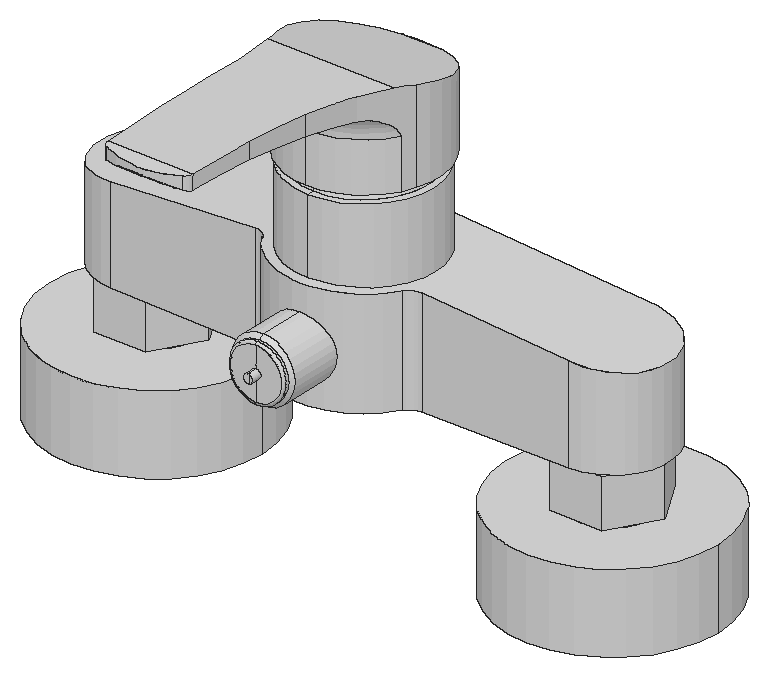
Revit family "Grohe_PlumbingFixtures_Eurosmart_SingleLeverShowerMixer_33555003xxx", category Plumbing Fixtures, host Face, Revit 2018
Family settings
  Host = Face
  Round Connector Dimension = Use Diameter
  Part Type = Normal
  OmniClass Number = 23.65.00.00
  OmniClass Title = Supply and Distribution of Liquids and Gases
  Cut with Voids When Loaded = No
  Shared = No
  Room Calculation Point = No
Parameters (values of type "33555003")
  _ObjectUserGuide = "https://www.bimstore.co/products/grohe-eurosmart-single-lever-shower-mixer-1-2-33555003/document/object-user-guide"
  _DistributedBy = "www.bimstore.co"
  _CurrentRevision = 1
  _CreatedBy = "www.bimstore.co"
  _BimSpecGuid = 0
  _BSBibleVersion = 16
  _AuthorizedBy = "bimstore"
  _Author = "AM"
  Waste Connection = no
  WarrantyStartDate [instance] = "Please record on commissioning"
  WarrantyGuarantorParts = "info-uk@grohe.com"
  WarrantyGuarantorLabor = "info-uk@grohe.com"
  WarrantyDurationUnit = "Year"
  WarrantyDurationParts = "0"
  WarrantyDurationLabor = "0"
  WarrantyDescription = "n/a"
  WFU = 0
  Vent Connection = no
  URL = "https://www.grohe.co.uk/en_gb/"
  TypeName = Type Comments  # "Single-Lever Shower Mixer 1/2\""
  Type Comments = "Single-Lever Shower Mixer 1/2\""
  TPIDocumentLink = "n/a"
  SustainabilityReport = "green.grohe.com/reporting"
  SustainabilityAward = "green.grohe.com/awards"
  SpareParts = "n/a"
  Size = "n/a"
  Shape = "n/a"
  SerialNumber [instance] = "Please record on commissioning"
  ReplacementCost = "n/a"
  ReferencedStandard = "n/a"
  ProductionYear = "2021"
  ProductType = "n/a"
  ProductShortText = "n/a"
  ProductNumber = "n/a"
  ProductDescription = "n/a"
  PrimaryMaterial = Steel, Chrome Plated
  PQDiagramLink = "n/a"
  NominalLength = 0 mm
  NominalHeight = 0 mm
  NominalDepth = 0 mm
  NBSReference = "45-35-70/345"
  NBSOfficeMasterTag = "n/a"
  NBSObjectName = "Grohe - Mixer taps"
  NBSNote = ""
  NBSDescription = "Mixer taps"
  ModelReference = Type Comments  # "Single-Lever Shower Mixer 1/2\""
  ModelNumber = Model  # "33555003"
  Model = "33555003"
  Material = "n/a"
  ManufacturerName = "Grohe"
  Manufacturer = "Grohe"
  Keynote = "N13"
  InstallationVideo = "n/a"
  InstallationDate [instance] = "Please record on commissioning"
  IfcExportType = "IfcPipeFittingType"
  IfcExportAs = "IfcPipeFitting"
  HWFU = 0
  HW Connection = yes
  Grade = "n/a"
  GROHESustainability = "green.grohe.com"
  GROHESocialCommittment = "green.grohe.com/social_engagement"
  FullRecyclabilityOfPlastic = "All plastic components are fully recyclable"
  Finish = "n/a"
  Features = "Wall mounted; GROHE SilkMove 35 mm ceramic cartridge; adjustable flow rate limiter; with temperature limiter; GROHE StarLight chrome finish; shower bottom outlet with integrated non-return valve; S-unions; metal wall escutcheons; protected against backflow."
  ExpectedLife = 0
  Ecojoy = no
  EFSE0002 = "0"
  EFNL0001 = "0"
  EFDE0022 = "Group II, <=30 dB(A)"
  EF025109 = "Polished"
  EF024919 = "0"
  EF023957 = "0"
  EF023688 = "0"
  EF023687 = "0"
  EF023686 = "0"
  EF022337 = "1/2 inch"
  EF022042 = "C"
  EF021855 = "0"
  EF021835 = 150 mm
  EF021035 = "0"
  EF020967 = "0"
  EF020805 = "0"
  EF020799 = "0"
  EF020788 = "0"
  EF020785 = "1/2 inch"
  EF020781 = "Cartouche, ceramic"
  EF020780 = "Single-grip"
  EF020259 = "Downwards"
  EF020105 = no
  EF014591 = "0"
  EF014578 = "0"
  EF012753 = "27"
  EF011779 = "0"
  EF011775 = "EB"
  EF007955 = "0"
  EF002671 = "Chrome"
  EF002286 = "External thread"
  EF002149 = "0"
  EF000139 = "Chromium-plated"
  EF000003 = "Wall"
  DurationUnit = "Year"
  DocumentationTechnical = "https://www.bimstore.co/products/grohe-eurosmart-single-lever-shower-mixer-1-2-33555003/document/technical-data-sheet"
  DocumentationMaintenance = "https://www.bimstore.co/products/grohe-eurosmart-single-lever-shower-mixer-1-2-33555003/document/maintenance-information"
  DocumentationLiterature = "https://www.bimstore.co/products/grohe-eurosmart-single-lever-shower-mixer-1-2-33555003/document/product-literature"
  DocumentationInstallationGuide = "https://www.bimstore.co/products/grohe-eurosmart-single-lever-shower-mixer-1-2-33555003/document/installation-guide"
  DocumentationCertificates = "https://www.bimstore.co/products/grohe-eurosmart-single-lever-shower-mixer-1-2-33555003/document/product-certificates"
  DimensionsDocumentLink = "n/a"
  Description = "With our new Eurosmart shower mixer, any bathroom can have an easy-upgrade to sleeker style and more comfortable operation."
  Default Elevation = 0 mm
  CreatedOn = "2021-07-27 T09:00:00"
  CreatedBy = "info-uk@grohe.com"
  CradleToCradleCertification = "n/a"
  Constituents = "n/a"
  Color = "Chrome"
  CodePerformance = "n/a"
  ClassificationValue = "Pr_40_20_87_55"
  ClassificationName = "Uniclass 2015"
  CWFU = 0
  CW Connection = yes
  CO2NeutralProduction = "GROHE is one of the first leading manufacturer within the sanitary industry having a CO2-neutral production."
  BarCode [instance] = "Please record on commissioning"
  BIMObjectName = "Grohe_PlumbingFixtures_Eurosmart_SingleLeverShowerMixer_33555003"
  AssetType = "Fixed"
  AssetIdentifier [instance] = "Please record on commissioning"
  Assembly Code = "D2010"
  AccessibilityPerformance = "n/a"
Reference planes
  plane 1 "Center (Front/Back)": y = 0
  plane 2: z = 0
  plane 3 "Center (Left/Right)": x = 0
  plane 4: y = -7.631
Forms (mm)
  Extrusion 1, solid, not visible
    sketch origin (0, 0, 0) x (1, 0, 0) y (0, 1, 0)
      loop
        circle (-75, 0) r 7.5
      loop
        circle (75, 0) r 7.5
    from 0 to 1
  Extrusion 2, solid, material "Steel, Chrome Plated" <- "PrimaryMaterial"
    sketch origin (-110, 0, 0) x (1, 0, 0) y (0, 1, 0)
      loop
        circle (35, 0) r 35
      loop
        circle (185, 0) r 35
    from 0 to 25.9
  Revolve 3, solid, material "Steel, Chrome Plated" <- "PrimaryMaterial"
    sketch origin (0, 136.692, 19.337) x (0, 0, 1) y (0, -1, 0)
      loop
        line (84.973, 121.746) -> (84.973, 124.065)
        arc (84.973, 124.065) -> (91.438, 126.929) -> (96.632, 131.729) r 21.6
        line (96.632, 131.729) -> (96.632, 144.979) -> (47.092, 144.979) -> (47.092, 121.746) -> (84.973, 121.746)
      axis (96.632, 144.979) -> (47.092, 144.979)
    angle from 0 to 360
  Extrusion 4, solid, material "Steel, Chrome Plated" <- "PrimaryMaterial"
    sketch origin (0, 0, 0) x (1, 0, 0) y (0, 1, 0)
      loop
        line (-83.66, 15) -> (-92.321, 0) -> (-83.66, -15) -> (-66.34, -15) -> (-57.679, 0) -> (-66.34, 15) -> (-83.66, 15)
      loop
        line (66.34, 15) -> (57.679, 0) -> (66.34, -15) -> (83.66, -15) -> (92.321, 0) -> (83.66, 15) -> (66.34, 15)
    from 27.31 to 43.31
  Revolve 5, solid, material "Steel, Chrome Plated" <- "PrimaryMaterial"
    sketch origin (-75, 34, 1219.2) x (0, 1, 0) y (0, 0, 1)
      loop
        line (-23.463, -1174.827) -> (-34, -1174.827) -> (-34, -1193.3) -> (-20.898, -1193.3) -> (-20.898, -1184.39) -> (-23.463, -1184.39) -> (-23.463, -1174.827)
      axis (-34, -1174.827) -> (-34, -1193.3)
    angle from 0 to 360
  Revolve 6, solid, material "Steel, Chrome Plated" <- "PrimaryMaterial"
    sketch origin (75, 34, 1219.2) x (0, 1, 0) y (0, 0, 1)
      loop
        line (-23.463, -1174.827) -> (-34, -1174.827) -> (-34, -1193.3) -> (-20.898, -1193.3) -> (-20.898, -1184.39) -> (-23.463, -1184.39) -> (-23.463, -1174.827)
      axis (-34, -1174.827) -> (-34, -1193.3)
    angle from 0 to 360
  Extrusion 7, solid, material "Steel, Chrome Plated" <- "PrimaryMaterial"
    sketch origin (0, 0, 0) x (1, 0, 0) y (0, 1, 0)
      loop
        arc (-23.001, -21.466) -> (0, -34.914) -> (23.002, -21.466) r 26.395
        arc (23.002, -21.466) -> (24.849, -19.618) -> (27.366, -18.918) r 5.134
        line (27.366, -18.918) -> (75.342, -18.255)
        arc (75.342, -18.255) -> (93.45, 0.162) -> (75.228, 18.466) r 18.362
        line (75.228, 18.466) -> (0, 19.04) -> (-75.228, 18.466)
        arc (-75.228, 18.466) -> (-93.45, 0.162) -> (-75.342, -18.255) r 18.362
        line (-75.342, -18.255) -> (-27.366, -18.918)
        arc (-27.366, -18.918) -> (-24.848, -19.618) -> (-23.001, -21.466) r 5.135
    from 87.253 to 44.373
  Extrusion 8, void
    sketch origin (0, 0, 0) x (1, 0, 0) y (0, 0, 1)
      loop
        arc (-104.099, 72.161) -> (0, 79.812) -> (104.099, 72.161) r 712.001
        line (104.099, 72.161) -> (104.099, 92.085) -> (-104.099, 92.085) -> (-104.099, 72.161)
    from -30 to 36.407
  Revolve 9, solid, material "Steel, Chrome Plated" <- "PrimaryMaterial"
    sketch origin (0, 0, 0) x (0, 1, 0) y (0, 0, 1)
      loop
        line (-26.664, 60.71) -> (-26.664, 71.26) -> (-49.728, 71.26) -> (-51.028, 69.96) -> (-51.964, 69.96)
        arc (-51.964, 69.96) -> (-52.52, 69.73) -> (-52.75, 69.174) r 0.786
        line (-52.75, 69.174) -> (-52.75, 60.71) -> (-26.664, 60.71)
      axis (-26.664, 60.71) -> (-52.75, 60.71)
    angle from 0 to 360
  Revolve 10, solid, material "Steel, Chrome Plated" <- "PrimaryMaterial"
    sketch origin (0, 0, 0) x (0, 1, 0) y (0, 0, 1)
      loop
        line (-55.863, 60.71) -> (-49.728, 60.71) -> (-49.728, 62.2) -> (-55.863, 62.2) -> (-55.863, 60.71)
      axis (-49.728, 60.71) -> (-55.863, 60.71)
    angle from 0 to 360
  Extrusion 11, solid, material "Steel, Chrome Plated" <- "PrimaryMaterial"
    sketch origin (0, 0, 0) x (1, 0, 0) y (0, 1, 0)
      loop
        arc (-13.973, -96.052) -> (-13.53, -97.507) -> (-12.419, -98.547) r 2.947
        arc (-12.419, -98.547) -> (0, -101.662) -> (12.419, -98.547) r 26.313
        arc (12.419, -98.547) -> (13.53, -97.507) -> (13.973, -96.052) r 2.947
        line (13.973, -96.052) -> (14.741, -74.072)
        arc (14.741, -74.072) -> (15.173, -63.206) -> (15.709, -52.345) r 1132.165
        arc (15.709, -52.345) -> (17.993, -33.537) -> (22.759, -15.199) r 142.077
        arc (22.759, -15.199) -> (0, 16.353) -> (-22.759, -15.199) r 23.984
        arc (-22.759, -15.199) -> (-17.993, -33.537) -> (-15.709, -52.345) r 142.077
        arc (-15.709, -52.345) -> (-15.173, -63.206) -> (-14.741, -74.072) r 1132.165
        line (-14.741, -74.072) -> (-13.973, -96.052)
    from 107.339 to 152.14
  Extrusion 12, void
    sketch origin (0, 0, 0) x (0, 1, 0) y (0, 0, 1)
      loop
        line (15.33, 128.69) -> (17.585, 127.824) -> (17.585, 152.824) -> (-105.768, 152.824) -> (-105.768, 143.108)
        arc (-105.768, 143.108) -> (-100.872, 143.36) -> (-95.974, 143.549) r 383.748
        arc (-95.974, 143.549) -> (-58.813, 142.946) -> (-21.885, 138.751) r 383.748
        arc (-21.885, 138.751) -> (-3.019, 134.675) -> (15.33, 128.69) r 188.421
    from -30 to 30
  Revolve 13, void
    sketch origin (0, 0, 0) x (0, 1, 0) y (0, 0, 1)
      loop
        line (-32.123, 106.244) -> (-32.123, 123.736)
        arc (-32.123, 123.736) -> (-34.182, 129.624) -> (-39.462, 132.947) r 9.45
        arc (-39.462, 132.947) -> (-67.798, 137.64) -> (-96.494, 138.844) r 235.119
        arc (-96.494, 138.844) -> (-100.008, 139.862) -> (-102.326, 142.692) r 6.165
        line (-102.326, 142.692) -> (-102.326, 106.244) -> (-32.123, 106.244)
      axis (-7.631, 142.692) -> (-7.631, 106.244)
    angle from 0 to 360
Cuts and joins
  Extrusion 8 cuts Extrusion 7
  Extrusion 12, Revolve 13 cuts Extrusion 11
  joined: Extrusion 2, Revolve 3, Extrusion 4, Revolve 5, Revolve 6, Extrusion 7, Revolve 9, Revolve 10, Extrusion 11
Dimensions and locks
  aligned and locked: plane 2 to host face
  aligned and locked: level to host face
  aligned and locked: plane 1 "Center (Front/Back)" to Extrusion 1 sketch curve  (x2)
  aligned and locked: Extrusion 1 to level
  aligned and locked: plane 1 "Center (Front/Back)" to Extrusion 2 sketch curve  (x2)
  aligned and locked: Revolve 6 sketch curve to plane 1 "Center (Front/Back)"
Connectors
  piping at (75, 0, 0), diameter 15, driven by "CWFU"
    settings: on Extrusion 1, index 1, connector inside diameter 609.6 mm, connector length 0 mm, flow factor 0, pipe flow 0.0 L/s, pressure drop 0.0 Pa, fitting loss kfactor 0, connector angle 0.00°, fixture units 0, engagement length 0 mm, angle of deflection 0.00°, flow configuration 3, flow direction 1, fitting loss method 4, system type 20, joint type 0, gender type 0, connector reference index -1, connector utility 0, adjustable connector no, is connector primary yes, connector description ""
  piping at (-75, 0, 0), diameter 15, driven by "HWFU"
    settings: on Extrusion 1, index 2, connector inside diameter 609.6 mm, connector length 0 mm, flow factor 0, pipe flow 0.0 L/s, pressure drop 0.0 Pa, fitting loss kfactor 0, connector angle 0.00°, fixture units 0, engagement length 0 mm, angle of deflection 0.00°, flow configuration 3, flow direction 1, fitting loss method 4, system type 19, joint type 0, gender type 0, connector reference index -1, connector utility 0, adjustable connector no, is connector primary no, connector description ""
